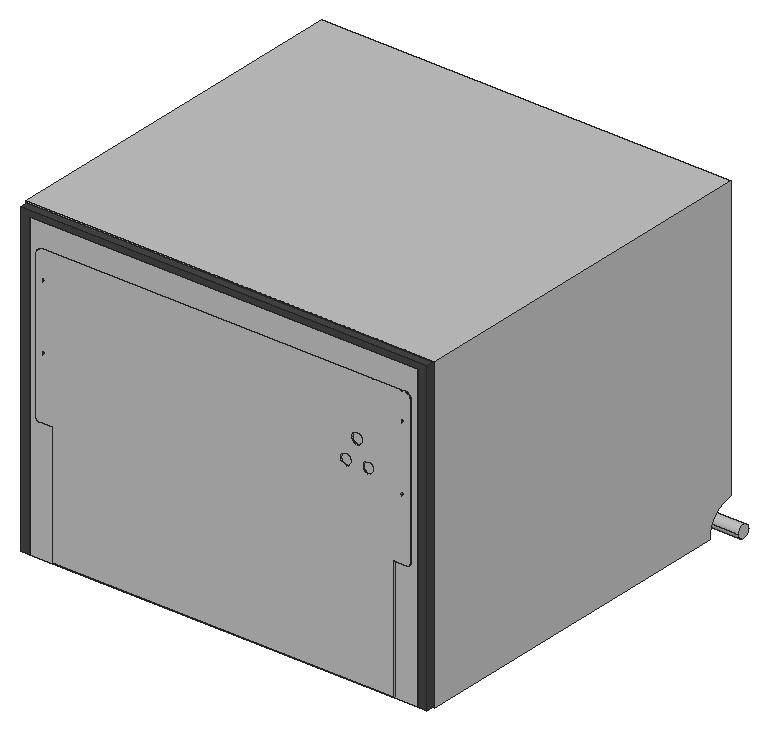
Revit family "FP_Revit_18_DD60STX6HI1_DishDrawer_90001209A", category Specialty Equipment, Revit 2018
Family settings
  Round Connector Dimension = Use Diameter
  Part Type = Normal
  OmniClass Number = 23.40.40.14.31
  OmniClass Title = Cleaning and Disposal Equipment
  Work Plane-Based = No
  Always vertical = Yes
  Cut with Voids When Loaded = Yes
  Shared = No
  Room Calculation Point = No
Parameters (values of type "DD60STX6I1")
  Visibility - Door Panel = no
  Visibility - Clearance Required = yes
  URL = "www.fisherpaykel.com"
  Product - Width = 599 mm  # constant formula
  Product - Height = 454 mm  # constant formula
  Product - Depth = 571 mm  # constant formula
  Panel - Depth [instance] = 18 mm
  Model = "DD60STX6I1"
  Material - Trim = Fisher & Paykel - Black
  Material - Front = Fisher & Paykel - Stainless Steel
  Material - Body = Fisher & Paykel - Grey
  Manufacturer = "Fisher & Paykel Appliances"
  FFL Offset [instance] = 406 mm
  Description = "60cm DishDrawer, Integrated"
  Connector Description - Water = "3/4” BSP (GB20) to suit flat washer"
  Connector Description - Venting = "Vent Ducting Kit Provided, refer to instalation guide"
  Connector Description - Sanitary = "Drain Hose, No Fitting Required"
  Connector Description - Electrical = "220-240 V, 50 Hz, min 8.5 A, fused electrical supply"
  Chassis - Depth = 553 mm  # constant formula
  Cavity - Width = 600 mm  # constant formula
  Cavity - Depth (excluding front panel) = 560 mm  # constant formula
Types (3, lengths in mm): name | Model
  (no name) | "DD60STX6I1"
  DD60STX6I1 | "DD60STX6I1"
  DD60STX6HI1 | "DD60STX6HI1"
Reference planes
  plane 1 "Datum": y = 0
  plane 2: z = 0
  plane 3 "Center (Left/Right)": x = 0
  plane 4: z = 0
  plane 5 "Product LHS": x = -299.5
  plane 6 "Product RHS": x = 299.5
  plane 7 "Product - Depth": y = 553
  plane 8 "Cavity LHS": x = -300
  plane 9 "Cavity RHS": x = 300
  plane 10 "Cavity - Depth": y = 560
  plane 11 "FFL Offset": z = 406
  plane 12 "Product - Height": z = 860
  plane 13 "Cavity - Height": z = 862
  plane 14 "18mm Door Panel Front": y = -18
Forms (mm)
  Extrusion 1, solid, material "Fisher & Paykel - Grey" <- "Material - Body"
    sketch origin (0, 0, 0) x (0, 1, 0) y (0, 0, 1)
      loop
        line (12.5, 860) -> (12.5, 406) -> (510.35, 406) -> (510.35, 450.298) -> (553, 450.298) -> (553, 860) -> (12.5, 860)
    from -299.5 to 299.5
  Extrusion 2, solid, material "Fisher & Paykel - Grey" <- "Material - Body", detail levels fine
    sketch origin (0, 0, 0) x (1, 0, 0) y (0, 0, 1)
      loop
        line (-274, 805.176) -> (-274, 591.952)
        arc (-274, 591.952) -> (-272.536, 588.416) -> (-269, 586.952) r 5
        line (-269, 586.952) -> (-250, 586.952) -> (-250, 408.926) -> (250, 408.926) -> (250, 586.952) -> (269, 586.952)
        arc (269, 586.952) -> (272.536, 588.416) -> (274, 591.952) r 5
        line (274, 591.952) -> (274, 805.176)
        arc (274, 805.176) -> (271.071, 812.247) -> (264, 815.176) r 10
        line (264, 815.176) -> (-264, 815.176)
        arc (-264, 815.176) -> (-271.071, 812.247) -> (-274, 805.176) r 10
      loop
        circle (262.5, 774.452) r 1.941
      loop
        circle (262.5, 678.952) r 2
      loop
        circle (-262.5, 774.452) r 1.941
      loop
        circle (-262.5, 678.952) r 2
      loop
        circle (196.5, 728.952) r 8
      loop
        circle (213, 695.952) r 8
      loop
        circle (180, 695.952) r 8
    from 0 to 0.8
  Extrusion 3, solid, material "Fisher & Paykel - Black" <- "Material - Trim"
    sketch origin (0, 0, 0) x (1, 0, 0) y (0, 0, 1)
      loop
        line (-297.5, 858.541) -> (-297.5, 407) -> (-283.999, 407) -> (-283.999, 850) -> (284, 850) -> (284, 407) -> (297.5, 407) -> (297.5, 858.541) -> (-297.5, 858.541)
    from -12.5 to 0
  Sweep 4, solid, material "Fisher & Paykel - Grey" <- "Material - Body", detail levels medium+fine
    path origin (0, 537.938, 5) x (1, 0, 0) y (0, 0, 1)
      loop
        line (-134.5, 445.298) -> (-134.5, 432.132)
        arc (-134.5, 432.132) -> (-140.358, 417.989) -> (-154.5, 412.132) r 20
        line (-154.5, 412.132) -> (-349.5, 412.132)
    profile origin (-134.5, 537.938, 443.715) x (0, -1, 0) y (1, 0, 0)
      loop
        circle (0, 0) r 9
  Sweep 5, solid, material "Fisher & Paykel - Grey" <- "Material - Body", detail levels medium+fine
    path origin (0, 0, 0) x (1, 0, 0) y (0, 0, 1)
      loop
        line (-349.186, 414.851) -> (-218.186, 414.851)
        arc (-218.186, 414.851) -> (-204.044, 420.709) -> (-198.186, 434.851) r 20
        line (-198.186, 434.851) -> (-198.186, 450.298)
    profile origin (-198.186, 0, 442.575) x (-1, 0, 0) y (0, -1, 0)
      loop
        circle (0, -524.105) r 5
  Extrusion 6, solid, material "Fisher & Paykel - Clearance Required", visible <- "Visibility - Clearance Required", detail levels coarse
    sketch origin (0, 0, 0) x (0, 1, 0) y (0, 0, 1)
      loop
        line (-18, 406) -> (-18, 860) -> (-545, 860) -> (-545, 790.98) -> (-586, 790.98) -> (-586, 774.977) -> (-545, 774.977) -> (-545, 406) -> (-18, 406)
    from -300 to 300
  Extrusion 7, solid, material "Fisher & Paykel - Clearance Required", visible <- "Visibility - Clearance Required", detail levels coarse
    sketch origin (0, 0, 0) x (1, 0, 0) y (0, 1, 0)
      loop
        line (300, 560) -> (-300, 560) -> (-300, -18) -> (300, -18) -> (300, 560)
    from 406 to 862
  Extrusion 8, solid, material "Fisher & Paykel - Grey" <- "Material - Body"
    sketch origin (0, 0, 0) x (1, 0, 0) y (0, 0, 1)
      loop
        line (-283.999, 850) -> (-283.999, 407) -> (284, 407) -> (284, 850) -> (-283.999, 850)
    from -12.5 to 0
  Extrusion 9, solid, material "Fisher & Paykel - Grey" <- "Material - Body", detail levels fine
    sketch origin (0, 0, 0) x (0, 1, 0) y (0, 0, 1)
      loop
        arc (545.956, 440.845) -> (549.529, 442.356) -> (550.933, 445.972) r 4.979
        line (550.933, 445.972) -> (550.933, 450.298) -> (510.35, 450.298) -> (510.35, 422.689) -> (530.184, 440.845) -> (545.956, 440.845)
    from -229.8 to -91.607
  Sweep 10, solid, material "Fisher & Paykel - Grey" <- "Material - Body", detail levels medium+fine
    path origin (0, 0, 0) x (1, 0, 0) y (0, 1, 0)
      loop
        line (-47.875, 510.35) -> (-47.875, 529.222)
        arc (-47.875, 529.222) -> (-52.269, 539.828) -> (-62.875, 544.222) r 15
        line (-62.875, 544.222) -> (-349.5, 544.222)
    profile origin (-47.875, 519.786, 0) x (-1, 0, 0) y (0, 0, 1)
      loop
        circle (0, 430.3) r 5
  Extrusion 11, solid, material "Fisher & Paykel - Grey" <- "Material - Body"
    sketch origin (0, 0, 0) x (0, 1, 0) y (0, 0, 1)
      loop
        line (510.35, 450.298) -> (510.35, 406) -> (514.35, 406)
        arc (514.35, 406) -> (525.48, 434.009) -> (553, 446.298) r 40
        line (553, 446.298) -> (553, 450.298) -> (510.35, 450.298)
    from 288.5 to 299.5
  Extrusion 12, solid, material "Fisher & Paykel - Grey" <- "Material - Body"
    sketch origin (0, 0, 0) x (0, 1, 0) y (0, 0, -1)
      loop
        line (510.35, -450.298) -> (553, -450.298) -> (553, -446.298)
        arc (553, -446.298) -> (525.48, -434.009) -> (514.35, -406) r 40
        line (514.35, -406) -> (510.35, -406) -> (510.35, -450.298)
    from 288.5 to 299.5
  Extrusion 13, solid, material "Fisher & Paykel - Stainless Steel" <- "Material - Front", visible <- "Visibility - Door Panel", detail levels fine
    sketch origin (0, 0, -1.893) x (1, 0, 0) y (0, 0, 1)
      loop
        line (-298, 861.893) -> (-298, 409.893) -> (298, 409.893) -> (298, 861.893) -> (-298, 861.893)
    from 0.8 to 18
  Extrusion 14, void
    sketch origin (0, 0, 0) x (1, 0, 0) y (0, 1, 0)
      loop
        line (300, 560) -> (-300, 560) -> (-300, -18) -> (300, -18) -> (300, 560)
    from 406 to 862
  Sweep 15, solid, material "Fisher & Paykel - Grey" <- "Material - Body", detail levels medium+fine
    path origin (0, 537.938, 5) x (1, 0, 0) y (0, 0, 1)
      loop
        line (200, 445.298) -> (200, 432.132)
        arc (200, 432.132) -> (205.858, 417.989) -> (220, 412.132) r 20
        line (220, 412.132) -> (330, 412.132)
    profile origin (200, 537.938, 443.715) x (0, -1, 0) y (1, 0, 0)
      loop
        circle (0, 0) r 9
Cuts and joins
  joined: Extrusion 1, Extrusion 11, Extrusion 12
Text (mm)
  text "Due to ongoing product development, product details are subject to change without notice. \nPlease always refer to www.fisherpaykel.com for the most current product information. \n© Fisher & Paykel 2020" at (41.04, -690.05, 0), in view "Ref. Level (Plan)"
Dimensions and locks
  equal spacing: plane 5 "Product LHS", plane 3 "Center (Left/Right)", plane 6 "Product RHS"
  "Product - Width": plane 5 "Product LHS" to plane 6 "Product RHS"
  "Chassis - Depth": plane 1 "Datum" to plane 7 "Product - Depth"
  equal spacing: plane 8 "Cavity LHS", plane 3 "Center (Left/Right)", plane 9 "Cavity RHS"
  "Cavity - Width": plane 8 "Cavity LHS" to plane 9 "Cavity RHS"
  Extrusion 1 sketch curve to Extrusion 1 sketch curve = 454 mm
  Extrusion 2 sketch curve to plane 11 "FFL Offset" = 180.952 mm
  plane 12 "Product - Height" to Extrusion 2 sketch curve = 44.824 mm
  locked: plane 13 "Cavity - Height" to plane 12 "Product - Height" at 2
  "Panel - Depth": plane 14 "18mm Door Panel Front" to plane 1 "Datum"
  locked: plane 11 "FFL Offset" to Sweep 10 sketch curve at 24.3
  equal spacing: Extrusion 13 sketch curve, plane 3 "Center (Left/Right)", Extrusion 13 sketch curve
  locked: Extrusion 13 sketch curve to Extrusion 13 sketch curve at 596
  "Product - Height": plane 11 "FFL Offset" to plane 12 "Product - Height"
  locked: Extrusion 6 to Extrusion 8 at 1
  "FFL Offset": level to plane 11 "FFL Offset"
  locked: plane 11 "FFL Offset" to Extrusion 13 at 2
  "Cavity - Depth (excluding front panel)": plane 1 "Datum" to plane 10 "Cavity - Depth"
  locked: Extrusion 6 to plane 14 "18mm Door Panel Front" at 527
  aligned and locked: level to plane 2
  aligned and locked: plane 12 "Product - Height" to Extrusion 1
  aligned and locked: Extrusion 6 to plane 9 "Cavity RHS"
  aligned and locked: plane 8 "Cavity LHS" to Extrusion 6
  aligned and locked: Extrusion 7 sketch curve to plane 8 "Cavity LHS"
  aligned and locked: Extrusion 7 sketch curve to plane 9 "Cavity RHS"
  aligned and locked: plane 10 "Cavity - Depth" to Extrusion 7 sketch curve
  aligned and locked: Extrusion 6 sketch curve to plane 11 "FFL Offset"
  aligned and locked: Extrusion 1 sketch curve to plane 11 "FFL Offset"
  aligned and locked: Extrusion 3 to Extrusion 8  (x2)
  aligned and locked: cut or joined group of Extrusion 1, Extrusion 11, Extrusion 12 to Sweep 4 sketch curve
  aligned and locked: plane 14 "18mm Door Panel Front" to Extrusion 13
  aligned and locked: Extrusion 6 to plane 14 "18mm Door Panel Front"
  aligned and locked: Extrusion 7 to Extrusion 6
  aligned and locked: plane 10 "Cavity - Depth" to Extrusion 14
  aligned and locked: Extrusion 14 to Extrusion 6
  aligned and locked: plane 13 "Cavity - Height" to Extrusion 7
  aligned and locked: plane 11 "FFL Offset" to Extrusion 7
  aligned and locked: Extrusion 14 to Extrusion 7
  aligned and locked: plane 11 "FFL Offset" to Extrusion 14
  aligned and locked: Extrusion 13 to Extrusion 6
  aligned and locked: plane 12 "Product - Height" to Extrusion 13
Automatic sketch dimensions
  Extrusion 1 sketch curve to plane 7 "Product - Depth" = 0 mm
  Extrusion 1 sketch curve to plane 7 "Product - Depth" = 42.65 mm
  Extrusion 1 sketch curve to plane 1 "Datum" = 12.5 mm
  Extrusion 1 sketch curve to plane 11 "FFL Offset" = 44.298 mm
  Extrusion 2 sketch curve to plane 5 "Product LHS" = 25.5 mm
  Extrusion 2 sketch curve to Extrusion 2 sketch curve = 5 mm
  Extrusion 2 sketch curve to Extrusion 2 sketch curve = 10 mm  (x2)
  Extrusion 2 sketch curve to Extrusion 2 sketch curve = 1.5 mm  (x2)
  Extrusion 2 sketch curve to plane 5 "Product LHS" = 37 mm
  Extrusion 2 sketch curve to Extrusion 2 sketch curve = 19 mm  (x2)
  plane 6 "Product RHS" to Extrusion 2 sketch curve = 119.5 mm
  Extrusion 2 sketch curve to Extrusion 2 sketch curve = 16.5 mm
  Extrusion 2 sketch curve to Extrusion 2 sketch curve = 33 mm  (x2)
  plane 6 "Product RHS" to Extrusion 2 sketch curve = 49.5 mm
  plane 6 "Product RHS" to Extrusion 2 sketch curve = 37 mm  (x2)
  Extrusion 2 sketch curve to plane 11 "FFL Offset" = 2.926 mm
  Extrusion 2 sketch curve to Extrusion 2 sketch curve = 178.026 mm
  Extrusion 2 sketch curve to Extrusion 2 sketch curve = 87 mm  (x2)
  Extrusion 2 sketch curve to Extrusion 2 sketch curve = 17 mm
  Extrusion 2 sketch curve to Extrusion 2 sketch curve = 0 mm
  Extrusion 2 sketch curve to Extrusion 2 sketch curve = 30.724 mm  (x2)
  Extrusion 3 sketch curve to plane 5 "Product LHS" = 2 mm
  Extrusion 3 sketch curve to plane 5 "Product LHS" = 15.501 mm
  plane 6 "Product RHS" to Extrusion 3 sketch curve = 15.5 mm
  plane 6 "Product RHS" to Extrusion 3 sketch curve = 2 mm
  Extrusion 3 sketch curve to plane 11 "FFL Offset" = 1 mm  (x2)
  Extrusion 3 sketch curve to plane 12 "Product - Height" = 10 mm
  Extrusion 3 sketch curve to plane 12 "Product - Height" = 1.459 mm
  Sweep 4 sketch curve to plane 11 "FFL Offset" = 11.132 mm
  Sweep 4 sketch curve to plane 5 "Product LHS" = 145 mm
  Sweep 4 sketch curve to Sweep 4 sketch curve = 20 mm
  plane 8 "Cavity LHS" to Sweep 4 sketch curve = 49.5 mm
  Sweep 4 sketch curve to profile plane = 0 mm
  profile plane to Sweep 4 sketch curve = 0 mm
  Sweep 5 sketch curve to plane 11 "FFL Offset" = 8.851 mm
  Sweep 5 sketch curve to plane 5 "Product LHS" = 81.314 mm
  Sweep 5 sketch curve to Sweep 5 sketch curve = 20 mm
  plane 8 "Cavity LHS" to Sweep 5 sketch curve = 49.186 mm
  Sweep 5 sketch curve to Sweep 5 sketch curve = 15.447 mm
  Sweep 5 sketch curve to profile plane = 0 mm
  Sweep 5 sketch curve to plane 1 "Datum" = 524.105 mm
  Extrusion 6 sketch curve to plane 14 "18mm Door Panel Front" = 0 mm
  Extrusion 6 sketch curve to plane 12 "Product - Height" = 0 mm
  Extrusion 6 sketch curve to Extrusion 6 sketch curve = 527 mm
  Extrusion 6 sketch curve to Extrusion 6 sketch curve = 0 mm
  Extrusion 6 sketch curve to Extrusion 6 sketch curve = 41 mm
  Extrusion 6 sketch curve to Extrusion 6 sketch curve = 85.023 mm
  Extrusion 6 sketch curve to Extrusion 6 sketch curve = 16.003 mm
  plane 14 "18mm Door Panel Front" to Extrusion 7 sketch curve = 0 mm
  Extrusion 8 sketch curve to plane 11 "FFL Offset" = 1 mm
  Extrusion 8 sketch curve to plane 5 "Product LHS" = 15.501 mm
  plane 6 "Product RHS" to Extrusion 8 sketch curve = 15.5 mm
  Extrusion 8 sketch curve to plane 12 "Product - Height" = 10 mm
  Extrusion 9 sketch curve to plane 7 "Product - Depth" = 42.65 mm
  Extrusion 9 sketch curve to Extrusion 9 sketch curve = 19.834 mm
  Extrusion 9 sketch curve to plane 7 "Product - Depth" = 7.044 mm
  Extrusion 9 sketch curve to plane 7 "Product - Depth" = 2.067 mm
  Extrusion 9 sketch curve to plane 11 "FFL Offset" = 16.689 mm
  Extrusion 9 sketch curve to Extrusion 9 sketch curve = 18.156 mm
  Extrusion 9 sketch curve to Extrusion 9 sketch curve = 4.979 mm
  Extrusion 9 sketch curve to Extrusion 9 sketch curve = 4.326 mm
  Sweep 10 sketch curve to plane 7 "Product - Depth" = 8.778 mm
  Sweep 10 sketch curve to plane 3 "Center (Left/Right)" = 62.875 mm
  Sweep 10 sketch curve to Sweep 10 sketch curve = 15 mm
  plane 8 "Cavity LHS" to Sweep 10 sketch curve = 49.5 mm
  Sweep 10 sketch curve to Sweep 10 sketch curve = 18.872 mm
  Sweep 10 sketch curve to profile plane = 0 mm
  plane 11 "FFL Offset" to Extrusion 11 sketch curve = 0 mm
  Extrusion 11 sketch curve to plane 7 "Product - Depth" = 0 mm
  Extrusion 11 sketch curve to plane 7 "Product - Depth" = 38.65 mm
  Extrusion 11 sketch curve to Extrusion 11 sketch curve = 42.65 mm
  Extrusion 11 sketch curve to plane 11 "FFL Offset" = 0.321 mm
  plane 7 "Product - Depth" to Extrusion 11 sketch curve = 1.349 mm
  Extrusion 11 sketch curve to Extrusion 11 sketch curve = 4 mm
  plane 11 "FFL Offset" to Extrusion 12 sketch curve = 0 mm
  Extrusion 12 sketch curve to plane 7 "Product - Depth" = 0 mm
  Extrusion 12 sketch curve to plane 7 "Product - Depth" = 38.65 mm
  Extrusion 12 sketch curve to plane 7 "Product - Depth" = 42.65 mm
  Extrusion 12 sketch curve to plane 11 "FFL Offset" = 0.321 mm
  plane 7 "Product - Depth" to Extrusion 12 sketch curve = 1.349 mm
  Extrusion 12 sketch curve to Extrusion 12 sketch curve = 4 mm
  Extrusion 13 sketch curve to plane 11 "FFL Offset" = 2 mm
  Extrusion 13 sketch curve to plane 12 "Product - Height" = 0 mm
  Extrusion 14 sketch curve to plane 8 "Cavity LHS" = 0 mm
  Extrusion 14 sketch curve to plane 9 "Cavity RHS" = 0 mm
  plane 14 "18mm Door Panel Front" to Extrusion 14 sketch curve = 0 mm
  Extrusion 14 sketch curve to plane 10 "Cavity - Depth" = 0 mm
  Sweep 15 sketch curve to profile plane = 0 mm
  profile plane to Sweep 15 sketch curve = 0 mm
  Sweep 15 sketch curve to plane 11 "FFL Offset" = 31.132 mm
  plane 6 "Product RHS" to Sweep 15 sketch curve = 99.5 mm
  Sweep 15 sketch curve to Sweep 15 sketch curve = 20 mm
  Sweep 15 sketch curve to plane 9 "Cavity RHS" = 30 mm
  Sweep 15 sketch curve to Sweep 15 sketch curve = 13.167 mm
  radius of Extrusion 2 sketch curve = 1.941 mm  (x2)
  radius of Extrusion 2 sketch curve = 2 mm  (x2)
  radius of Extrusion 2 sketch curve = 8 mm  (x3)
  radius of Sweep 4 sketch curve = 9 mm
  radius of Sweep 5 sketch curve = 5 mm
  radius of Sweep 10 sketch curve = 5 mm
  radius of Sweep 15 sketch curve = 9 mm
Connectors
  piping at (-349.186, 524.105, 414.851), diameter 10, driven by "Connector Description - Water"
    settings: on Sweep 5, index 2, connector inside diameter 609.6 mm, connector length 0 mm, flow factor 0, pipe flow 0.0 L/s, pressure drop 0.0 Pa, fitting loss kfactor 0, connector angle 0.00°, fixture units 0, engagement length 0 mm, angle of deflection 0.00°, flow configuration 0, flow direction 1, fitting loss method 0, system type 20, joint type 0, gender type 0, connector reference index -1, connector utility 0, adjustable connector no, is connector primary yes, connector description "3/4” BSP (GB20) to suit flat washer"
  piping at (-349.5, 537.938, 417.132), diameter 15.9, driven by "Connector Description - Sanitary"
    settings: on Sweep 4, index 4, connector inside diameter 609.6 mm, connector length 0 mm, flow factor 0, pipe flow 0.0 L/s, pressure drop 0.0 Pa, fitting loss kfactor 0, connector angle 0.00°, fixture units 0, engagement length 0 mm, angle of deflection 0.00°, flow configuration 0, flow direction 2, fitting loss method 0, system type 16, joint type 0, gender type 0, connector reference index -1, connector utility 0, adjustable connector no, is connector primary no, connector description "Drain Hose, No Fitting Required"
  electrical at (-349.5, 544.222, 430.3), driven by "Connector Description - Electrical"
    settings: on Sweep 10, index 5, voltage 230 V, apparent load 0 VA, apparent load phase1 0 VA, apparent load phase2 0 VA, apparent load phase3 0 VA, power factor 1, load classification "Other", number of poles 1, system type 30, power factor state 1, is connector primary yes, connector utility no, sub classification motor no, connector description "220-240 V, 50 Hz, min 8.5 A, fused electrical supply"
  piping at (330, 537.938, 417.132), diameter 17, driven by "Connector Description - Venting"
    settings: on Sweep 15, index 6, connector inside diameter 609.6 mm, connector length 0 mm, flow factor 0, pipe flow 0.0 L/s, pressure drop 0.0 Pa, fitting loss kfactor 0, connector angle 0.00°, fixture units 0, engagement length 0 mm, angle of deflection 0.00°, flow configuration 0, flow direction 2, fitting loss method 0, system type 17, joint type 0, gender type 0, connector reference index -1, connector utility 0, adjustable connector no, is connector primary no, connector description "Vent Ducting Kit Provided, refer to instalation guide"
